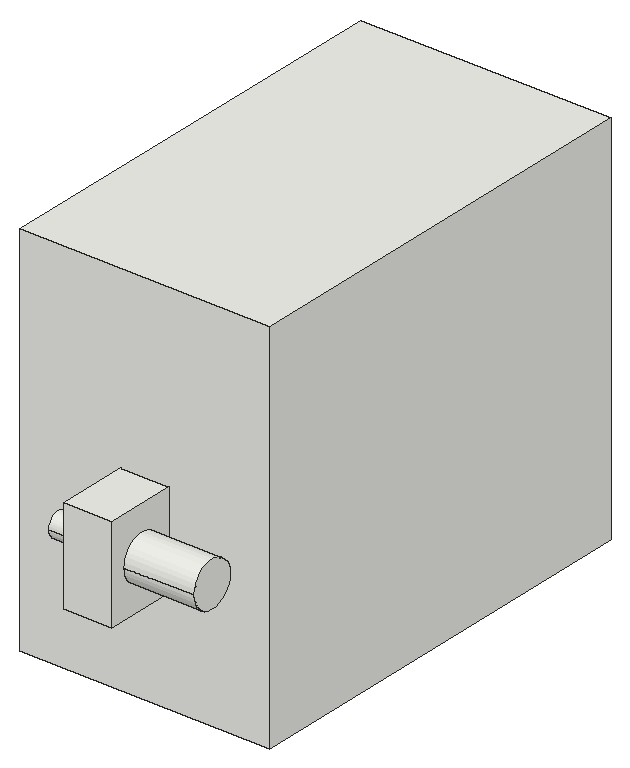
Revit family
Parameters (values of type "535 x 910 x 810mm")
  Boiler Material = Metal - Paint Finish - Ivory, Glossy
  Depth = 915.00 mm
  Height = 810.00 mm
  Width = 535.00 mm
Reference planes
  plane 1 "Center (Front/Back)": y = 0
  plane 2: z = 0
  plane 3 "Center (Left/Right)": x = 0
  plane 4: x = -267.5
  plane 5: x = 267.5
  plane 6: y = 457.5
  plane 7: y = -457.5
  plane 8: z = 810
  plane 9: y = -482.9
  plane 10: x = -50.8
  plane 11: x = 50.8
  plane 12: y = -613.607
  plane 13: y = -530.916
  plane 14: y = -505.516
  plane 15: z = 325.02
  plane 16: z = 426.62
  plane 17: z = 223.42
  plane 18: y = -578.631
  plane 19: y = -556.016
Forms (mm)
  Extrusion 1, solid, material "Metal - Paint Finish - Ivory, Glossy" <- "Boiler Material"
    sketch origin (0, 0, 0) x (1, 0, 0) y (0, 1, 0)
      loop
        line (-267.5, -457.5) -> (267.5, -457.5) -> (267.5, 457.5) -> (-267.5, 457.5) -> (-267.5, -457.5)
    from 0 to 810
  Extrusion 2, solid, material "Metal - Paint Finish - Ivory, Glossy" <- "Boiler Material"
    sketch origin (-50.8, -562.507, 426.62) x (0, 1, 0) y (0, 0, -1)
      loop
        circle (31.591, 101.6) r 25.4
    from 0 to 76.2
  Extrusion 3, solid, material "Metal - Paint Finish - Ivory, Glossy" <- "Boiler Material"
    sketch origin (50.8, -562.507, 223.42) x (0, 1, 0) y (0, 0, 1)
      loop
        circle (31.591, 101.6) r 48.016
    from 0 to 152.4
  Extrusion 4, solid, material "Metal - Paint Finish - Ivory, Glossy" <- "Boiler Material"
    sketch origin (-267.5, -457.5, 810) x (0, 0, -1) y (1, 0, 0)
      loop
        line (586.58, 216.7) -> (586.58, 318.3) -> (383.38, 318.3) -> (383.38, 216.7) -> (586.58, 216.7)
    from 0 to 152.4
Lines and regions (mm)
  symbolic lines
    curve 1: line (-267.5, -457.5, 0) -> (267.5, -457.5, 0)
    curve 2: line (-267.5, 457.5, 0) -> (-267.5, -457.5, 0)
    curve 3: line (267.5, 457.5, 0) -> (-267.5, 457.5, 0)
    curve 4: line (267.5, -457.5, 0) -> (267.5, 457.5, 0)
    curve 10: arc (63.5, 0, 0) -> (0, 63.5, 0) -> (-63.5, 0, 0) r 63.5
    curve 11: arc (-63.5, 0, 0) -> (0, -63.5, 0) -> (63.5, 0, 0) r 63.5
    curve 14: line (-50.8, -609.9, 0) -> (50.8, -609.9, 0)
    curve 15: line (-50.8, -457.5, 0) -> (-50.8, -609.9, 0)
    curve 16: line (50.8, -457.5, 0) -> (-50.8, -457.5, 0)
    curve 17: line (50.8, -609.9, 0) -> (50.8, -457.5, 0)
    curve 18: line (50.8, -578.631, 0) -> (203.2, -578.631, 0)
    curve 19: line (50.8, -482.9, 0) -> (50.8, -578.631, 0)
    curve 20: line (203.2, -482.9, 0) -> (50.8, -482.9, 0)
    curve 21: line (203.2, -578.631, 0) -> (203.2, -482.9, 0)
    curve 22: line (-50.8, -556.016, 0) -> (-127, -556.016, 0)
    curve 23: line (-50.8, -505.516, 0) -> (-50.8, -556.016, 0)
    curve 24: line (-127, -505.516, 0) -> (-50.8, -505.516, 0)
    curve 25: line (-127, -556.016, 0) -> (-127, -505.516, 0)
  model lines
    curve 5: line (-229.4, -457.5, 771.9) -> (229.4, -457.5, 771.9)
    curve 6: line (-229.4, -457.5, 480.361) -> (-229.4, -457.5, 771.9)
    curve 7: line (229.4, -457.5, 480.361) -> (-229.4, -457.5, 480.361)
    curve 8: line (229.4, -457.5, 771.9) -> (229.4, -457.5, 480.361)
    curve 9: line (229.4, -457.5, 68.058) -> (-229.4, -457.5, 68.058)
    curve 12: line (-229.4, -457.5, 68.058) -> (-229.4, -457.5, 0)
    curve 13: line (229.4, -457.5, 68.058) -> (229.4, -457.5, 0)
Dimensions and locks
  "Height": plane 8 to plane 2
  "Depth": plane 7 to plane 6
  equal spacing: plane 7, plane 1 "Center (Front/Back)", plane 6
  equal spacing: plane 4, plane 3 "Center (Left/Right)", plane 5
  "Width": plane 4 to plane 5
  plane 10 to plane 11 = 101.60 mm
  equal spacing: plane 10, plane 3 "Center (Left/Right)", plane 11, locked at 50.8 each
  locked: Extrusion 2 to plane 10 at 76.2
  locked: plane 11 to Extrusion 3 at 152.4
  locked: plane 7 to plane 13 at 73.416
  locked: plane 12 to plane 7 at 156.107
  locked: plane 15 to plane 2 at 325.02
  locked: plane 16 to plane 2 at 426.62
  locked: plane 8 to curve 5 at 38.1
  locked: curve 7 to plane 2 at 480.361
  locked: curve 9 to plane 2 at 68.058
  locked: plane 14 to plane 13 at 25.4
  locked: plane 13 to plane 9 at 48.016
  aligned and locked: plane 5 to curve 4
  aligned and locked: curve 2 to Extrusion 1 sketch curve
  aligned and locked: Extrusion 1 sketch curve to curve 1
  aligned and locked: Extrusion 1 sketch curve to curve 3
  aligned and locked: Extrusion 1 sketch curve to curve 4
  aligned and locked: plane 8 to Extrusion 1
  aligned and locked: plane 10 to Extrusion 2
  aligned and locked: Extrusion 3 to plane 11
  aligned and locked: plane 10 to Extrusion 4 sketch curve
  aligned and locked: Extrusion 4 sketch curve to plane 17
  aligned and locked: plane 16 to Extrusion 4 sketch curve
  aligned and locked: plane 11 to Extrusion 4 sketch curve
  aligned and locked: curve 25 to Extrusion 2
  aligned and locked: Extrusion 3 to curve 21
Automatic sketch dimensions
  curve 13 to level = 0.00 mm
  curve 12 to level = 0.00 mm
  curve 9 to plane 5 = 38.10 mm
  curve 8 to plane 5 = 38.10 mm
  plane 4 to curve 5 = 38.10 mm
  plane 4 to curve 12 = 38.10 mm
  Extrusion 2 sketch curve to plane 15 = 0.00 mm
  Extrusion 2 sketch curve to plane 13 = 0.00 mm
  Extrusion 3 sketch curve to plane 15 = 0.00 mm
  Extrusion 3 sketch curve to plane 13 = 0.00 mm
  Extrusion 3 sketch curve to plane 9 = 0.00 mm
  Extrusion 2 sketch curve to Extrusion 2 sketch curve = 25.40 mm
  curve 3 to plane 4 = 0.00 mm
  curve 10 to plane 1 "Center (Front/Back)" = 0.00 mm
  curve 16 to plane 7 = 0.00 mm
  curve 16 to plane 10 = 0.00 mm
  curve 24 to plane 10 = 0.00 mm
  curve 11 to plane 3 "Center (Left/Right)" = 0.00 mm
  curve 17 to plane 11 = 0.00 mm
  curve 18 to plane 11 = 0.00 mm
  curve 20 to plane 9 = 0.00 mm
  curve 21 to plane 18 = 0.00 mm
  curve 23 to plane 19 = 0.00 mm
  curve 24 to plane 14 = 0.00 mm
  curve 4 to plane 7 = 0.00 mm
  curve 3 to plane 6 = 0.00 mm
  curve 10 to plane 10 = 12.70 mm
  curve 14 to plane 12 = 3.707 mm
